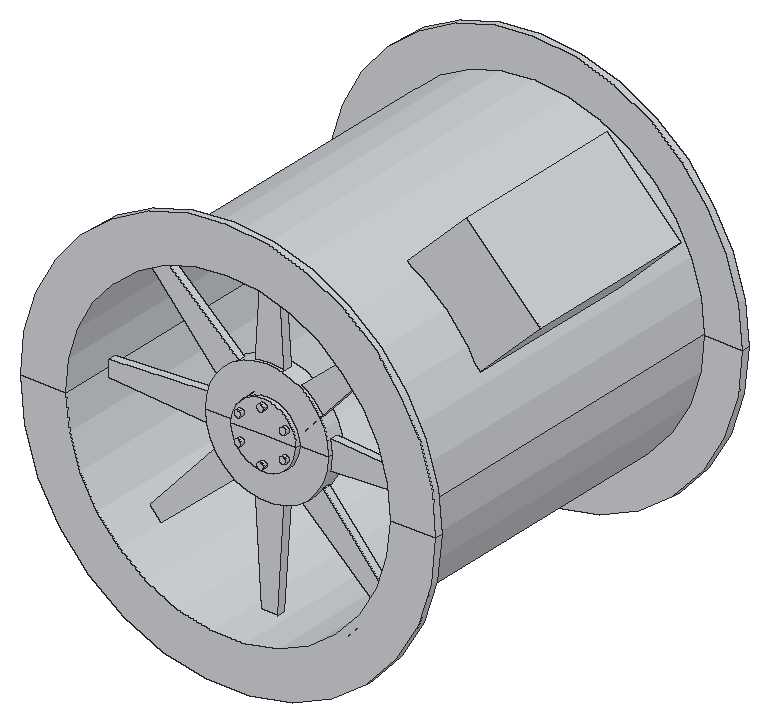
Revit family "CADS_Vent-Axia_MechEquip_Fan_LCA_250_1Ph4P - SUPPLY", category Mechanical Equipment, Revit 2020
Family settings
  Round Connector Dimension = Use Diameter
  Part Type = Normal
  OmniClass Number = 23.75.00.00
  OmniClass Title = Climate Control (HVAC)
  Work Plane-Based = No
  Always vertical = Yes
  Cut with Voids When Loaded = No
  Shared = No
  Room Calculation Point = No
Parameters (values of type "LCA251425")
  nr = NominalDiameter / 2  # 125 mm
  WorkingPressure = 0.0 Pa
  WarrantyStartDate [instance] = "1900-12-31T23:59:59"
  WarrantyPeriod = ""
  WarrantyIdentifier = "N/A"
  WarrantyGuarantorParts = "tech@vent-axia.com"
  WarrantyGuarantorLabor = "tech@vent-axia.com"
  WarrantyGuarantor = "Vent-Axia Limited"
  WarrantyEndDate [instance] = "1900-12-31T23:59:59"
  WarrantyContent = ""
  TemperatureRange = ""
  TagNumber [instance] = "N/A"
  SustainabilityPerformance = ""
  Status = "New"
  Size = ""
  Shape = ""
  ServiceLifeType = ""
  ServiceLifeDuration = ""
  SerialNumber [instance] = "N/A"
  ReplacementCost = ""
  RatedVoltage = 0 V
  RatedCurrent = 0 A
  Quantity = 1
  ProductionYear = ""
  PressureCurve = ""
  PowerFactor = ""
  PointOfContact = ""
  NumberOfPoles = 0
  NominalWidth = 250 mm
  NominalLength = 300 mm
  NominalHeight = 250 mm
  NominalFrequencyRange = ""
  NominalDiameter = 250 mm
  ModelReference = "LCAX 250mm 1PH 4P 25DEG"
  ModelNumber = "LCA251425"
  Material = ""
  ManufacturerE-Mail = "tech@vent-axia.com"
  ManufacturerAddress = "Fleming Way\nCrawley \nRH10 9YX"
  IsExtendedWarranty = no
  InsulationStandardClass = ""
  InstallationDate [instance] = "1900-12-31T23:59:59"
  IfcExportType [instance] = ""
  IfcExportAs = "IfcFanType"
  IP_Code = ""
  HasProtectiveEarth = no
  GrossWeight = 0.00 kg
  Grade = ""
  GlobalTradeItemNumber [instance] = "N/A"
  Fitting Type = "Ignore"
  Finish = ""
  Features = ""
  ExteriorInsulation = no
  ExpectedServiceLife = 0
  Exclusions = ""
  DurationUnit = "Year"
  Default Elevation = 0 mm
  Constituents = ""
  ConductorFunction = ""
  Color = ""
  CodePerformance = ""
  Category = ""
  CADS_Usage = 0
  CADS_Index = 0
  AssetType = "FIXED"
  AssetIdentifier [instance] = "N/A"
  AssemblyPlace = "UNKNOWN"
  ArticleNumber [instance] = "N/A"
  AirflowRateRange = 0.0 L/s
  Air Flow [instance] = 0.0 L/s
  AccessibilityPerformance = ""
Types (6, lengths in mm): name | ModelReference | ModelNumber
  LCA251425 | "LCAX 250mm 1PH 4P 25DEG" | "LCA251425"
  LCA251430 | "LCAX 250mm 1PH 4P 30DEG" | "LCA251430"
  LCA251435 | "LCAX 250mm 1PH 4P 35DEG" | "LCA251435"
  LCA251440 | "LCAX 250mm 1PH 4P 40DEG" | "LCA251440"
  LCA251445 | "LCAX 250mm 1PH 4P 45DEG" | "LCA251445"
  LCA251450 | "LCAX 250mm 1PH 4P 50DEG" | "LCA251450"
Reference planes
  plane 1 "Center (Front/Back)": y = 0
  plane 2: z = 0
  plane 3 "Center (Left/Right)": x = 0
  plane 4: x = -125
  plane 5: x = 125
  plane 6 "F": y = -150
  plane 7 "B": y = 150
  plane 8: x = -160
  plane 9: y = 145
  plane 10: y = -145
  plane 11: x = -130
  plane 12: y = -110
  plane 13 "top": z = 125
  plane 14: z = -125
  plane 15 "45deg": through (0, -1524, 0) normal (-0.7071, 0, -0.7071)
  plane 16 "C": through (0, -1524, 0) normal (-0.7071, 0, 0.7071)
Forms (mm)
  Revolve 1, solid
    sketch origin (0, 0, 0) x (1, 0, 0) y (0, 1, 0)
      loop
        line (-160, -150) -> (-125, -150) -> (-125, 150) -> (-160, 150) -> (-160, 145) -> (-130, 145) -> (-130, -145) -> (-160, -145) -> (-160, -150)
      axis (0, 150) -> (0, -150)
    angle from 0 to 360
  Sweep 2, solid
    path origin (0, 0, 0) x (1, 0, 0) y (0, 0, 1)
      loop
        line (88.388, 88.388) -> (134.35, 134.35)
    profile origin (111.369, 0, 111.369) x (-0.707107, 0, 0.707107) y (0, -1, 0)
      loop
        line (37.5, 55) -> (-42.73, 55) -> (-42.73, -79.5) -> (37.5, -79.5) -> (37.5, 55)
Dimensions and locks
  equal spacing: plane 4, plane 3 "Center (Left/Right)", plane 5
  equal spacing: plane 7 "B", plane 1 "Center (Front/Back)", plane 6 "F"
  "NominalLength": plane 7 "B" to plane 6 "F"
  "NominalDiameter": plane 4 to plane 5
  locked: plane 11 to plane 4 at 5
  locked: plane 8 to plane 11 at 30
  locked: plane 6 "F" to plane 10 at 5
  locked: plane 7 "B" to plane 9 at 5
  locked: plane 6 "F" to plane 12 at 40
  equal spacing: plane 13 "top", level, plane 14
  "NominalDiameter": plane 13 "top" to plane 14
  "nr": Sweep 2 sketch curve to nested 13
  Sweep 2 sketch curve to Sweep 2 sketch curve = 65 mm
  aligned and locked: level to plane 2
  aligned and locked: nested 1 to plane 12
Automatic sketch dimensions
  plane 6 "F" to Revolve 1 sketch curve = 0 mm
  Revolve 1 sketch curve to plane 8 = 0 mm  (x2)
  plane 10 to Revolve 1 sketch curve = 0 mm
  Revolve 1 sketch curve to plane 11 = 0 mm
  Revolve 1 sketch curve to plane 4 = 0 mm
  Revolve 1 sketch curve to plane 3 "Center (Left/Right)" = 0 mm
  plane 1 "Center (Front/Back)" to Revolve 1 sketch curve = 0 mm
  Revolve 1 sketch curve to plane 9 = 0 mm
  Revolve 1 sketch curve to plane 7 "B" = 0 mm
  plane 6 "F" to Revolve 1 sketch curve = 115 mm
  plane 1 "Center (Front/Back)" to Sweep 2 sketch curve = 55 mm
  Sweep 2 sketch curve to profile plane = 37.5 mm
  Sweep 2 sketch curve to Sweep 2 sketch curve = 80.23 mm
  Sweep 2 sketch curve to Sweep 2 sketch curve = 134.5 mm
  Sweep 2 sketch curve to plane 16 "C" = 0 mm  (x2)
Nested families
  nested 1: "Fan for ESC" at (0, -110, 0), ND <- "NominalDiameter", type "Fan for ESC"
    with hub 25 mm, ND 250 mm, BoltPCD 20 mm, Bolt Count 6, B_Diam 5 mm
  nested 2: "Bolts" at (17.321, -119.172, -10) x (-0.5, 0, -0.866) z (0, 1, 0), type "Bolts"
    with bd 5 mm
  nested 3: "Bolts" at (0, -119.172, -20) x (-1, 0, 0) z (0, 1, 0), type "Bolts"
    with bd 5 mm
  nested 4: "Bolts" at (-17.321, -119.172, -10) x (-0.5, 0, 0.866) z (0, 1, 0), type "Bolts"
    with bd 5 mm
  nested 5: "Bolts" at (-17.321, -119.172, 10) x (0.5, 0, 0.866) z (0, 1, 0), type "Bolts"
    with bd 5 mm
  nested 6: "Bolts" at (17.321, -119.172, 10) x (0.5, 0, -0.866) z (0, 1, 0), type "Bolts"
    with bd 5 mm
  nested 7: "Bolts" at (0, -119.172, 20) x (1, 0, 0) z (0, 1, 0), type "Bolts"
    with bd 5 mm
  nested 8: "ESC Blade" at (0, -110, 0), type "ESC Blade"
    with a 20.00°, HR 25 mm, HD 50 mm, BT 12.5 mm, BR 100 mm, BH 40 mm, BD 250 mm, BB 25 mm
  nested 9: "ESC Blade" at (0, -110, 0) x (0.7071, 0, -0.7071) z (0.7071, 0, 0.7071), type "ESC Blade"
    with a 20.00°, HR 25 mm, HD 50 mm, BT 12.5 mm, BR 100 mm, BH 40 mm, BD 250 mm, BB 25 mm
  nested 10: "ESC Blade" at (0, -110, 0) x (0, 0, -1) z (1, 0, 0), type "ESC Blade"
    with a 20.00°, HR 25 mm, HD 50 mm, BT 12.5 mm, BR 100 mm, BH 40 mm, BD 250 mm, BB 25 mm
  nested 11: "ESC Blade" at (0, -110, 0) x (-0.7071, 0, -0.7071) z (0.7071, 0, -0.7071), type "ESC Blade"
    with a 20.00°, HR 25 mm, HD 50 mm, BT 12.5 mm, BR 100 mm, BH 40 mm, BD 250 mm, BB 25 mm
  nested 12: "ESC Blade" at (0, -110, 0) x (-1, 0, 0) z (0, 0, -1), type "ESC Blade"
    with a 20.00°, HR 25 mm, HD 50 mm, BT 12.5 mm, BR 100 mm, BH 40 mm, BD 250 mm, BB 25 mm
  nested 13: "ESC Blade" at (0, -110, 0) x (-0.7071, 0, -0.7071) z (-0.7071, 0, 0.7071), type "ESC Blade"
    with a 20.00°, HR 25 mm, HD 50 mm, BT 12.5 mm, BR 100 mm, BH 40 mm, BD 250 mm, BB 25 mm
  nested 14: "ESC Blade" at (0, -110, 0) x (0, 0, -1) z (-1, 0, 0), type "ESC Blade"
    with a 20.00°, HR 25 mm, HD 50 mm, BT 12.5 mm, BR 100 mm, BH 40 mm, BD 250 mm, BB 25 mm
  nested 15: "ESC Blade" at (0, -110, 0) x (0.7071, 0, -0.7071) z (-0.7071, 0, -0.7071), type "ESC Blade"
    with a 20.00°, HR 25 mm, HD 50 mm, BT 12.5 mm, BR 100 mm, BH 40 mm, BD 250 mm, BB 25 mm
Connectors
  hvac at (0, -150, 0), driven by "NominalDiameter", driven by "Air Flow"
    settings: on Revolve 1, index 1, duct flow 0.0 L/s, flow factor 0, pres drop 0.0 Pa, loss coef 0, conn angle 0.00°, conn width 304.8 mm, conn height 304.8 mm, conn diameter 250 mm, duct sys type 1, conn prof type 0, flow config 1, flow direction 1, loss method 0, conn ref index -1, conn util no, is conn primary yes, conn desc ""
  hvac at (0, 150, 0), driven by "NominalDiameter", driven by "Air Flow"
    settings: on Revolve 1, index 2, duct flow 0.0 L/s, flow factor 0, pres drop 0.0 Pa, loss coef 0, conn angle 0.00°, conn width 304.8 mm, conn height 304.8 mm, conn diameter 250 mm, duct sys type 1, conn prof type 0, flow config 0, flow direction 2, loss method 0, conn ref index -1, conn util no, is conn primary no, conn desc ""
Definition of nested family "Fan for ESC"
  Parameters (values of type "Fan for ESC")
    hub [instance] = ND / 10  # 56.7 mm
    ND [instance] = 567 mm
    Model = "."
    Default Elevation = 0 mm
    BoltPCD [instance] = hub - (hub * 0.2)  # 45.36 mm
    Bolt Count [instance] = if(hub < 50 mm, 6, 8)  # 8
    B_Diam [instance] = if(hub < 50 mm, 5 mm, 10 mm)  # 10 mm
  Reference planes
    plane 1 "Center (Front/Back)": y = 0
    plane 2: z = 0
    plane 3 "Center (Left/Right)": x = 0
    plane 4 "back": y = 20
    plane 5 "bolts": y = -9.172
    plane 6 "B": z = 56.7
    plane 7: x = -79.287
    plane 8: x = -56.7
    plane 9 "hubface": y = -6.172
  Forms (mm)
    Revolve 1, solid
      sketch origin (0, 0, 0) x (1, 0, 0) y (0, 1, 0)
        loop
          line (0, 20) -> (-56.7, 20) -> (-56.7, 10.504) -> (-79.287, 10.504) -> (-79.287, -2.597) -> (-56.7, -2.597) -> (-56.7, -6.172) -> (0, -6.172) -> (0, 20)
        axis (0, 20) -> (0, -6.172)
      angle from 0 to 360
    Extrusion 2, solid, not visible
      sketch origin (0, -6.347, -4) x (-1, 0, 0) y (0, 0, 1)
        loop
          circle (0, 84) r 5
      from 0 to 3
  Lines and regions (mm)
    symbolic lines
      curve 1: circle (0, -9.172, 0) r 45.36 normal (0, 1, 0)
    model lines, not visible
      curve 2: line (0, -6.347, 85) -> (0, -6.347, 75)
  Dimensions and locks
    "hub": plane 6 "B" to plane 2
    "hub": nested 3 to plane 3 "Center (Left/Right)"
    "hub": nested 4 to plane 3 "Center (Left/Right)"
    "hub": nested 5 to plane 3 "Center (Left/Right)"
    "hub": plane 3 "Center (Left/Right)" to nested 6
    "hub": Revolve 1 sketch curve to Revolve 1 sketch curve
    "hub": plane 3 "Center (Left/Right)" to nested 7
    "hub": plane 3 "Center (Left/Right)" to nested 8
    "hub": plane 3 "Center (Left/Right)" to nested 9
    "hub": plane 8 to plane 3 "Center (Left/Right)"
    plane 7 to plane 8 = 22.587 mm
    diameter of Extrusion 2 sketch curve = 10 mm
    "BoltPCD": radius of curve 1
    "BoltPCD": radius of radial array
    aligned and locked: level to plane 2
    aligned and locked: plane 6 "B" to nested 1
  Automatic sketch dimensions
    Revolve 1 sketch curve to plane 7 = 0 mm
    Revolve 1 sketch curve to plane 8 = 0 mm  (x2)
    Revolve 1 sketch curve to plane 3 "Center (Left/Right)" = 0 mm
    Revolve 1 sketch curve to plane 9 "hubface" = 0 mm
    plane 4 "back" to Revolve 1 sketch curve = 0 mm
    plane 1 "Center (Front/Back)" to Revolve 1 sketch curve = 2.597 mm
    plane 4 "back" to Revolve 1 sketch curve = 9.496 mm
    Revolve 1 sketch curve to Revolve 1 sketch curve = 5 mm
    Revolve 1 sketch curve to plane 4 "back" = 45 mm
    curve 1 to level = 0 mm
    curve 1 to plane 3 "Center (Left/Right)" = 0 mm
  Nested families
    nested 1: "ESC Blade" at (0, 0, 0), BD <- "ND", HD <- "hub", type "ESC Blade"
      with a 20.00°, HR 56.7 mm, HD 113.4 mm, BT 28.35 mm, BR 226.8 mm, BH 40 mm, BD 567 mm, BB 56.7 mm
    nested 2: "ESC Blade" at (0, 0, 755), BD <- "ND", HD <- "hub", type "ESC Blade", not visible
      with a 20.00°, HR 56.7 mm, HD 113.4 mm, BT 28.35 mm, BR 226.8 mm, BH 40 mm, BD 567 mm, BB 56.7 mm
    nested 3: "ESC Blade" at (0, 0, 0) x (0.7071, 0, -0.7071) z (0.7071, 0, 0.7071), BD <- "ND", HD <- "hub", type "ESC Blade"
      with a 20.00°, HR 56.7 mm, HD 113.4 mm, BT 28.35 mm, BR 226.8 mm, BH 40 mm, BD 567 mm, BB 56.7 mm
    nested 4: "ESC Blade" at (0, 0, 0) x (0, 0, -1) z (1, 0, 0), BD <- "ND", HD <- "hub", type "ESC Blade"
      with a 20.00°, HR 56.7 mm, HD 113.4 mm, BT 28.35 mm, BR 226.8 mm, BH 40 mm, BD 567 mm, BB 56.7 mm
    nested 5: "ESC Blade" at (0, 0, 0) x (-0.7071, 0, -0.7071) z (0.7071, 0, -0.7071), BD <- "ND", HD <- "hub", type "ESC Blade"
      with a 20.00°, HR 56.7 mm, HD 113.4 mm, BT 28.35 mm, BR 226.8 mm, BH 40 mm, BD 567 mm, BB 56.7 mm
    nested 6: "ESC Blade" at (0, 0, 0) x (-1, 0, 0) z (0, 0, -1), BD <- "ND", HD <- "hub", type "ESC Blade"
      with a 20.00°, HR 56.7 mm, HD 113.4 mm, BT 28.35 mm, BR 226.8 mm, BH 40 mm, BD 567 mm, BB 56.7 mm
    nested 7: "ESC Blade" at (0, 0, 0) x (-0.7071, 0, -0.7071) z (-0.7071, 0, 0.7071), BD <- "ND", HD <- "hub", type "ESC Blade"
      with a 20.00°, HR 56.7 mm, HD 113.4 mm, BT 28.35 mm, BR 226.8 mm, BH 40 mm, BD 567 mm, BB 56.7 mm
    nested 8: "ESC Blade" at (0, 0, 0) x (0, 0, -1) z (-1, 0, 0), BD <- "ND", HD <- "hub", type "ESC Blade"
      with a 20.00°, HR 56.7 mm, HD 113.4 mm, BT 28.35 mm, BR 226.8 mm, BH 40 mm, BD 567 mm, BB 56.7 mm
    nested 9: "ESC Blade" at (0, 0, 0) x (0.7071, 0, -0.7071) z (-0.7071, 0, -0.7071), BD <- "ND", HD <- "hub", type "ESC Blade"
      with a 20.00°, HR 56.7 mm, HD 113.4 mm, BT 28.35 mm, BR 226.8 mm, BH 40 mm, BD 567 mm, BB 56.7 mm
    nested 10: "Bolts" at (0, -9.172, 45.36) x (1, 0, 0) z (0, 1, 0), bd <- "B_Diam", type "Bolts"
      with bd 10 mm
    nested 11: "Bolts" at (32.074, -9.172, 32.074) x (0.7071, 0, -0.7071) z (0, 1, 0), bd <- "B_Diam", type "Bolts"
      with bd 10 mm
    nested 12: "Bolts" at (-32.074, -9.172, 32.074) x (0.7071, 0, 0.7071) z (0, 1, 0), bd <- "B_Diam", type "Bolts"
      with bd 10 mm
    nested 13: "Bolts" at (-45.36, -9.172, 0) x (0, 0, 1) z (0, 1, 0), bd <- "B_Diam", type "Bolts"
      with bd 10 mm
    nested 14: "Bolts" at (-32.074, -9.172, -32.074) x (-0.7071, 0, 0.7071) z (0, 1, 0), bd <- "B_Diam", type "Bolts"
      with bd 10 mm
    nested 15: "Bolts" at (0, -9.172, -45.36) x (-1, 0, 0) z (0, 1, 0), bd <- "B_Diam", type "Bolts"
      with bd 10 mm
    nested 16: "Bolts" at (32.074, -9.172, -32.074) x (-0.7071, 0, -0.7071) z (0, 1, 0), bd <- "B_Diam", type "Bolts"
      with bd 10 mm
    nested 17: "Bolts" at (45.36, -9.172, 0) x (0, 0, -1) z (0, 1, 0), bd <- "B_Diam", type "Bolts"
      with bd 10 mm
  Definition of nested family "ESC Blade"
    Parameters (values of type "ESC Blade")
      a [instance] = 20.00°
      HR [instance] = HD / 2  # 30 mm
      HD [instance] = BD / 5  # 60 mm
      Default Elevation = 1219.2 mm
      BT [instance] = BD / 20  # 15 mm
      BR [instance] = (BD / 2) - HR  # 120 mm
      BH [instance] = 40 mm
      BD [instance] = 300 mm
      BB [instance] = BD / 10  # 30 mm
    Reference planes
      plane 1 "Center (Front/Back)": y = 0
      plane 2: z = 0
      plane 3 "Center (Left/Right)": x = 0
      plane 4 "Blade Bot": z = 30
      plane 5: x = -15
      plane 6: x = 15
      plane 7: x = -7.5
      plane 8: x = 7.5
    Forms (mm)
      Blend 1, solid
        base sketch origin (0, 0, 30) x (-1, 0, 0) y (0, -1, 0)
          loop
            line (15, 0) -> (-15, 0) -> (-15, -6) -> (15, -6) -> (15, 0)
        top sketch origin (0, 0, 30) x (-1, 0, 0) y (0, -1, 0)
          loop
            line (7.5, -6) -> (7.5, 0) -> (-7.5, 0) -> (-7.5, -6) -> (7.5, -6)
        from 0 to 120 <- "BR"
    Dimensions and locks
      "HR": plane 4 "Blade Bot" to level
      equal spacing: plane 8, plane 3 "Center (Left/Right)", plane 7
      "BT": plane 8 to plane 7
      equal spacing: plane 6, plane 3 "Center (Left/Right)", plane 5
      "BB": plane 6 to plane 5
      aligned and locked: level to plane 2
    Automatic sketch dimensions
      plane 1 "Center (Front/Back)" to Blend 1 sketch curve = 0 mm  (x2)
      Blend 1 sketch curve to plane 6 = 0 mm
      Blend 1 sketch curve to plane 5 = 0 mm
      Blend 1 sketch curve to plane 1 "Center (Front/Back)" = 6 mm  (x2)
      Blend 1 sketch curve to plane 8 = 0 mm
      Blend 1 sketch curve to plane 7 = 0 mm
  Definition of nested family "Bolts"
    Parameters
      bd [instance] = 10 mm
      Default Elevation = 1219.2 mm
    Reference planes
      plane 1 "Center (Front/Back)": y = 0
      plane 2: z = 0
      plane 3 "Center (Left/Right)": x = 0
    Forms (mm)
      Extrusion 1, solid
        sketch origin (0, 0, 0) x (1, 0, 0) y (0, 1, 0)
          loop
            line (-1219.2, 1219.2) -> (-1219.2, -1219.2) -> (1219.2, -1219.2) -> (1219.2, 1219.2) -> (-1219.2, 1219.2)
        from 0 to -304.8
      Extrusion 2, solid
        sketch origin (0, 0, 0) x (1, 0, 0) y (0, 1, 0)
          loop
            circle (0, 0) r 5
        from 0 to 3
    Dimensions and locks
      "bd": diameter of Extrusion 2 sketch curve
      aligned and locked: plane 2 to Extrusion 1
      aligned and locked: level to Extrusion 1
    Automatic sketch dimensions
      Extrusion 1 sketch curve to Extrusion 1 sketch curve = 2438.4 mm  (x2)
      plane 1 "Center (Front/Back)" to Extrusion 2 sketch curve = 0 mm
      Extrusion 2 sketch curve to plane 3 "Center (Left/Right)" = 0 mm
Definition of nested family "Bolts"
  Parameters
    bd [instance] = 10 mm
    Default Elevation = 1219.2 mm
  Reference planes
    plane 1 "Center (Front/Back)": y = 0
    plane 2: z = 0
    plane 3 "Center (Left/Right)": x = 0
  Forms (mm)
    Extrusion 1, solid
      sketch origin (0, 0, 0) x (1, 0, 0) y (0, 1, 0)
        loop
          line (-1219.2, 1219.2) -> (-1219.2, -1219.2) -> (1219.2, -1219.2) -> (1219.2, 1219.2) -> (-1219.2, 1219.2)
      from 0 to -304.8
    Extrusion 2, solid
      sketch origin (0, 0, 0) x (1, 0, 0) y (0, 1, 0)
        loop
          circle (0, 0) r 5
      from 0 to 3
  Dimensions and locks
    "bd": diameter of Extrusion 2 sketch curve
    aligned and locked: plane 2 to Extrusion 1
    aligned and locked: level to Extrusion 1
  Automatic sketch dimensions
    Extrusion 1 sketch curve to Extrusion 1 sketch curve = 2438.4 mm  (x2)
    plane 1 "Center (Front/Back)" to Extrusion 2 sketch curve = 0 mm
    Extrusion 2 sketch curve to plane 3 "Center (Left/Right)" = 0 mm
Definition of nested family "ESC Blade"
  Parameters (values of type "ESC Blade")
    a [instance] = 20.00°
    HR [instance] = HD / 2  # 30 mm
    HD [instance] = BD / 5  # 60 mm
    Default Elevation = 1219.2 mm
    BT [instance] = BD / 20  # 15 mm
    BR [instance] = (BD / 2) - HR  # 120 mm
    BH [instance] = 40 mm
    BD [instance] = 300 mm
    BB [instance] = BD / 10  # 30 mm
  Reference planes
    plane 1 "Center (Front/Back)": y = 0
    plane 2: z = 0
    plane 3 "Center (Left/Right)": x = 0
    plane 4 "Blade Bot": z = 30
    plane 5: x = -15
    plane 6: x = 15
    plane 7: x = -7.5
    plane 8: x = 7.5
  Forms (mm)
    Blend 1, solid
      base sketch origin (0, 0, 30) x (-1, 0, 0) y (0, -1, 0)
        loop
          line (15, 0) -> (-15, 0) -> (-15, -6) -> (15, -6) -> (15, 0)
      top sketch origin (0, 0, 30) x (-1, 0, 0) y (0, -1, 0)
        loop
          line (7.5, -6) -> (7.5, 0) -> (-7.5, 0) -> (-7.5, -6) -> (7.5, -6)
      from 0 to 120 <- "BR"
  Dimensions and locks
    "HR": plane 4 "Blade Bot" to level
    equal spacing: plane 8, plane 3 "Center (Left/Right)", plane 7
    "BT": plane 8 to plane 7
    equal spacing: plane 6, plane 3 "Center (Left/Right)", plane 5
    "BB": plane 6 to plane 5
    aligned and locked: level to plane 2
  Automatic sketch dimensions
    plane 1 "Center (Front/Back)" to Blend 1 sketch curve = 0 mm  (x2)
    Blend 1 sketch curve to plane 6 = 0 mm
    Blend 1 sketch curve to plane 5 = 0 mm
    Blend 1 sketch curve to plane 1 "Center (Front/Back)" = 6 mm  (x2)
    Blend 1 sketch curve to plane 8 = 0 mm
    Blend 1 sketch curve to plane 7 = 0 mm
